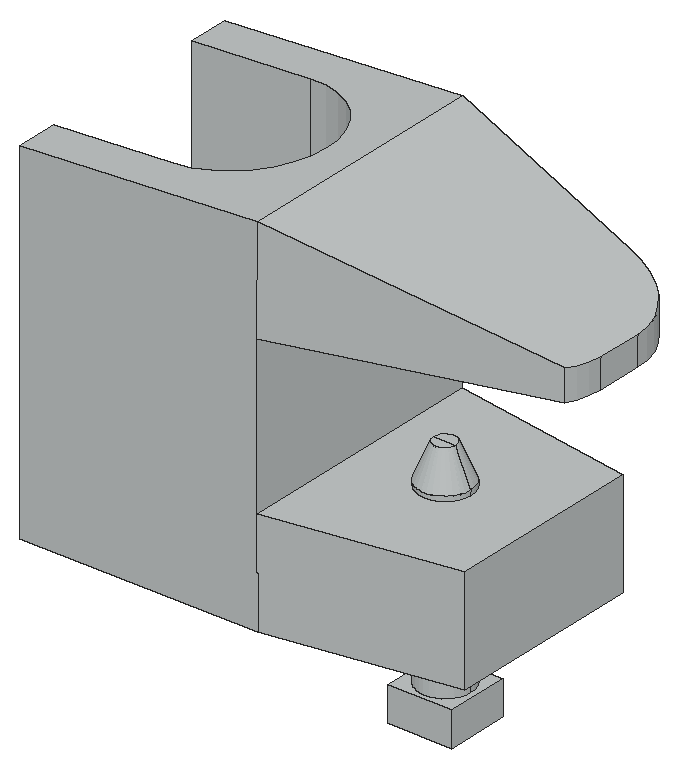
Revit family "beam clamp-c 7203-3-4", category Pipe Accessories, Revit 2018
Family settings
  Round Connector Dimension = Use Diameter
  Part Type = Normal
  Work Plane-Based = No
  Always vertical = Yes
  Cut with Voids When Loaded = No
  Shared = No
Parameters (values of type "FNW7203PF-Plain 3/4-10")
  Weight [instance] = "10.93 oz"  # constant formula
  V1 = 0.82516"
  URL = "http://www.fnw.com"
  SSR = 0.125"  # constant formula
  SQH = 0.153"  # constant formula
  RD = 0.750"  # constant formula
  Product ID [instance] = ""
  Part Number [instance] = "FNW7203PF"
  Material = Steel, Galvanized
  F = 1.060"  # constant formula
  E = 0.500"  # constant formula
  Description BOM [instance] = "Jr. Beam Clamp Plain 3/4-10"
  D = 0.750"  # constant formula
  C Half [instance] = C / 2  # 0.880"
  C = 1.760"  # constant formula
  B = 1.200"  # constant formula
  A = 2.380"  # constant formula
Reference planes (in)
  plane 1 "Center (Front/Back)": y = 0
  plane 2: z = 0
  plane 3 "Center (Left/Right)": x = 0
  plane 4: x = -1.06
  plane 5: x = 0.5425
  plane 6: z = 1.76
  plane 7: x = -1.545
  plane 8: x = -0.41125
  plane 9: z = 1.255
  plane 10: z = 0.505
  plane 11: z = 0.88
  plane 12: x = 0.835
  plane 13: y = 0.25
  plane 14: y = -0.25
  plane 15: y = 0.61417
  plane 16: y = -0.61417
Forms (in)
  Extrusion 1, solid, material "Steel, Galvanized" <- "Material"
    sketch origin (0, 0, 0) x (1, 0, 0) y (0, 0, 1)
      loop
        line (-1.545, 1.76) -> (-1.545, 0) -> (0.47405, 0) -> (0.47405, 0.505) -> (-0.41125, 0.505) -> (-0.41125, 1.255) -> (0.835, 1.255) -> (0.835, 1.76) -> (-1.545, 1.76)
    from -0.61417 to 0.61417
  Extrusion 2, void
    sketch origin (0, 0, 0) x (1, 0, 0) y (0, 1, 0)
      loop
        circle (-1.06, 0) r 0.375
    from 0 to 1.76
  Extrusion 3, void
    sketch origin (0, 0, 0) x (1, 0, 0) y (0, 0, 1)
      loop
        line (0.835, 1.39448) -> (0.835, 1.9727) -> (-1.66303, 1.9727) -> (-1.66303, 1.67774) -> (-0.40659, 1.76) -> (0.835, 1.39448)
    from -0.61417 to 0.61417
  Extrusion 4, void
    sketch origin (0, 0, 0) x (1, 0, 0) y (0, 1, 0)
      loop
        line (-1.74607, 0.41258) -> (-1.74607, -0.41032) -> (-0.97733, -0.41032)
        arc (-0.97733, -0.41032) -> (-0.56587, 0.00113) -> (-0.97733, 0.41258) r 0.41145
        line (-0.97733, 0.41258) -> (-1.74607, 0.41258)
    from 0.505 to 1.87361
  Revolve 5, solid, material "Steel, Galvanized" <- "Material"
    sketch origin (0, 0, 0) x (1, 0, 0) y (0, 0, 1)
      loop
        line (0, 0.6925) -> (-0.05343, 0.6925) -> (-0.125, 0.52575) -> (-0.125, -0.34209) -> (0, -0.34209) -> (0, 0.6925)
      axis (0, 0.6925) -> (0, -0.34209)
    angle from 0 to 360
  Extrusion 6, solid, material "Steel, Galvanized" <- "Material"
    sketch origin (0, 0, 0) x (1, 0, 0) y (0, 1, 0)
      loop
        line (0.23551, 0.13597) -> (0, 0.27194) -> (-0.23551, 0.13597) -> (-0.23551, -0.13597) -> (0, -0.27194) -> (0.23551, -0.13597) -> (0.23551, 0.13597)
    from -0.12069 to 0
  Extrusion 7, solid, material "Steel, Galvanized" <- "Material"
    sketch origin (0, 0, 0) x (1, 0, 0) y (0, 1, 0)
      loop
        line (-0.153, 0.153) -> (-0.153, -0.153) -> (0.153, -0.153) -> (0.153, 0.153) -> (-0.153, 0.153)
    from -0.50563 to -0.34209
  Extrusion 8, void
    sketch origin (0, 0, 0) x (1, 0, 0) y (0, 1, 0)
      loop
        line (-0.40659, 0.61417) -> (0.50838, 0.46873)
        arc (0.50838, 0.46873) -> (0.74108, 0.35304) -> (0.835, 0.11074) r 0.35949
        line (0.835, 0.11074) -> (0.835, -0.11074)
        arc (0.835, -0.11074) -> (0.82466, -0.19634) -> (0.79424, -0.27701) r 0.35949
        line (0.79424, -0.27701) -> (-0.40659, -0.61417) -> (-0.40659, -0.86417) -> (1.21453, -0.86417) -> (1.21453, 0) -> (1.21453, 0.86417) -> (-0.40659, 0.86417) -> (-0.40659, 0.61417)
    from 1.255 to 1.89952
  Extrusion 9, void
    sketch origin (0, 0, 0) x (1, 0, 0) y (0, 1, 0)
      loop
        line (-0.41114, 0.6149) -> (0.5425, 0.46393) -> (0.5425, 0) -> (0.5425, -0.46393) -> (-0.41114, -0.6149) -> (-0.41114, -0.9334) -> (0.835, -0.9334) -> (1.2799, -0.9334) -> (1.2799, 0) -> (1.2799, 0.9334) -> (0.835, 0.9334) -> (-0.41114, 0.9334) -> (-0.41114, 0.6149)
    from 0 to 0.505
Cuts and joins
  Extrusion 2, Extrusion 3, Extrusion 4, Extrusion 8, Extrusion 9 cuts Extrusion 1
Lines and regions (in)
  reference lines
    curve 1: line (-1.06, 0, 1.76) -> (-1.06, 0, 0)
    curve 2: line (-1.545, 0, 0) -> (0.5425, 0, 0)
Dimensions and locks (in)
  "F": plane 3 "Center (Left/Right)" to plane 4
  "C": plane 6 to plane 2
  plane 4 to plane 7 = 0.485"
  "D": plane 9 to plane 10
  "C Half": plane 11 to plane 2
  equal spacing: plane 9, plane 11, plane 10
  equal spacing: plane 14, plane 1 "Center (Front/Back)", plane 13
  "E": plane 14 to plane 13
  "SSR": plane 3 "Center (Left/Right)" to Revolve 5 sketch curve
  "SQH": plane 1 "Center (Front/Back)" to Extrusion 7 sketch curve  (x2)
  "SQH": plane 3 "Center (Left/Right)" to Extrusion 7 sketch curve
  "SQH": Extrusion 7 sketch curve to plane 3 "Center (Left/Right)"
  equal spacing: plane 16, plane 1 "Center (Front/Back)", plane 15
  "A": plane 7 to plane 12
  Extrusion 4 to plane 1 "Center (Front/Back)" to Extrusion 4 = 0.41258", 0.41032"
  "V1": cut or joined group of Extrusion 1, Extrusion 2, Extrusion 3, Extrusion 4, Extrusion 8, Extrusion 9 to cut or joined group of Extrusion 1, Extrusion 2, Extrusion 3, Extrusion 4, Extrusion 8, Extrusion 9
  "RD": diameter of Extrusion 2 sketch curve
  aligned and locked: plane 2 to level
  aligned and locked: plane 6 to Extrusion 1 sketch curve
  aligned and locked: Extrusion 1 sketch curve to plane 7
  aligned and locked: Extrusion 1 to plane 16
  aligned and locked: Extrusion 1 to plane 15
Automatic sketch dimensions
  Extrusion 4 sketch curve to plane 1 "Center (Front/Back)" = 0.00113"
  Extrusion 4 sketch curve to plane 13 = 0.16258"
  plane 7 to Extrusion 4 sketch curve = 0.20107"
  plane 4 to Extrusion 4 sketch curve = 0.08267"
  curve 1 to level = 0.000"
  curve 1 to plane 4 = 0.000"
  curve 1 to plane 6 = 0.000"
  plane 1 "Center (Front/Back)" to curve 2 = 0.000"
  curve 2 to plane 7 = 0.000"
  curve 2 to plane 5 = 0.000"
  plane 8 to Extrusion 1 sketch curve = 0.000"
  Extrusion 1 sketch curve to level = 0.000"
  Extrusion 1 sketch curve to plane 10 = 0.000"
  Extrusion 1 sketch curve to plane 12 = 0.000"
  Extrusion 1 sketch curve to plane 9 = 0.000"
  plane 5 to Extrusion 1 sketch curve = 0.06845"
  plane 15 to Extrusion 8 sketch curve = 0.000"
  plane 16 to Extrusion 8 sketch curve = 0.000"
  Extrusion 8 sketch curve to plane 12 = 0.000"
  plane 1 "Center (Front/Back)" to Extrusion 8 sketch curve = 0.000"
  plane 5 to Extrusion 8 sketch curve = 0.03412"
  plane 5 to Extrusion 8 sketch curve = 0.06699"  (x2)
  Extrusion 8 sketch curve to plane 8 = 0.00466"  (x2)
  plane 12 to Extrusion 8 sketch curve = 0.37953"
  Extrusion 8 sketch curve to plane 16 = 0.250"
  Extrusion 8 sketch curve to plane 1 "Center (Front/Back)" = 0.11074"
  Extrusion 8 sketch curve to plane 15 = 0.250"
  Extrusion 8 sketch curve to plane 14 = 0.02701"
  plane 1 "Center (Front/Back)" to Extrusion 8 sketch curve = 0.11074"
  Extrusion 3 sketch curve to plane 6 = 0.000"
  Extrusion 3 sketch curve to plane 12 = 0.000"
  Extrusion 3 sketch curve to plane 8 = 0.00466"
  plane 7 to Extrusion 3 sketch curve = 0.11803"
  plane 6 to Extrusion 3 sketch curve = 0.08226"
  plane 9 to Extrusion 3 sketch curve = 0.13948"
  Extrusion 3 sketch curve to plane 6 = 0.2127"
  plane 1 "Center (Front/Back)" to Extrusion 9 sketch curve = 0.000"  (x2)
  Extrusion 9 sketch curve to plane 5 = 0.000"
  Extrusion 9 sketch curve to plane 12 = 0.000"  (x2)
  Extrusion 9 sketch curve to plane 8 = 0.00011"  (x2)
  Extrusion 9 sketch curve to Extrusion 9 sketch curve = 0.4449"
  plane 16 to Extrusion 9 sketch curve = 0.15024"
  Extrusion 9 sketch curve to plane 16 = 0.00072"
  Extrusion 9 sketch curve to plane 16 = 0.31923"
  plane 15 to Extrusion 9 sketch curve = 0.15024"
  Extrusion 9 sketch curve to plane 15 = 0.31923"
  Extrusion 9 sketch curve to plane 15 = 0.00072"
  plane 1 "Center (Front/Back)" to Extrusion 2 sketch curve = 0.000"
  Extrusion 2 sketch curve to plane 4 = 0.000"
  Revolve 5 sketch curve to plane 3 "Center (Left/Right)" = 0.000"  (x2)
  Revolve 5 sketch curve to Revolve 5 sketch curve = 0.05343"
  Revolve 5 sketch curve to level = 0.34209"
  plane 10 to Revolve 5 sketch curve = 0.02075"
  Revolve 5 sketch curve to Revolve 5 sketch curve = 0.16675"
  Revolve 5 sketch curve to Revolve 5 sketch curve = 1.02075"
  Revolve 5 sketch curve to Revolve 5 sketch curve = 0.0625"
